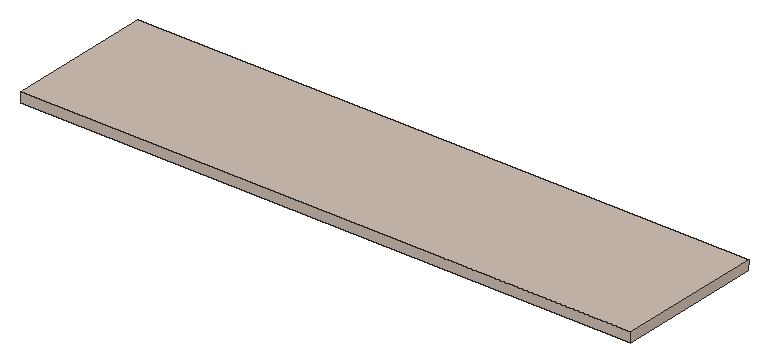
Revit family "Worktop", category 케이스워크, Revit 2026
Family settings
  작업 기준면 기반 = 아니오
  항상 수직 = 예
  로드될 때 보이드를 사용하여 절단 = 아니오
  공유 = 아니오
  룸 계산 점 = 아니오
Parameters (values of type "Worktop without Hole")
  기본 높이 = 0 mm
  Worktop Width = 600 mm
  Worktop Thickness = 40 mm
  Worktop Length [instance] = 2500 mm
  Vis - Worktop with Hole = no
  Vis - Worktop no Hole = yes
  Material Worktop = Laminate - Marble
  Hole Y Offset = 75 mm
  Hole X Offset [instance] = 800 mm
  Hole Width = 850 mm
  Hole Depth = 450 mm
  깊이 = Worktop Width  # 600 mm
  높이 = 900 mm
  Width [instance] = Worktop Length  # 2500 mm
Types (3, lengths in mm): name | Vis - Worktop with Hole | Vis - Worktop no Hole
  (no name) | no | yes
  Worktop without Hole | no | yes
  Worktop with Hole | yes | no
Reference planes
  plane 1 "Back": y = 0
  plane 2: z = 0
  plane 3 "Front": y = -600
  plane 4 "Left": x = -405.3
  plane 5 "Right": x = 2094.7
  plane 6 "Top": z = 900
  plane 7: x = 394.7
  plane 8: x = 1244.7
  plane 9: y = -75
  plane 10: y = -525
Forms (mm)
  Extrusion 1, solid, material "Laminate - Marble" <- "Material Worktop", visible <- "Vis - Worktop no Hole"
    sketch origin (0, 0, 900) x (0, -1, 0) y (-1, 0, 0)
      loop
        line (600, 405.3) -> (0, 405.3) -> (0, -2094.7) -> (600, -2094.7) -> (600, 405.3)
    from 0 to 40
  Extrusion 2, solid, material "Laminate - Marble" <- "Material Worktop", visible <- "Vis - Worktop with Hole"
    sketch origin (0, 0, 900) x (0, -1, 0) y (-1, 0, 0)
      loop
        line (600, 405.3) -> (0, 405.3) -> (0, -2094.7) -> (600, -2094.7) -> (600, 405.3)
      loop
        line (525, -394.7) -> (75, -394.7) -> (75, -1244.7) -> (525, -1244.7) -> (525, -394.7)
    from 0 to 40
Dimensions and locks
  "Worktop Length": plane 5 "Right" to plane 4 "Left"
  "Worktop Width": plane 3 "Front" to plane 1 "Back"
  "높이": level to plane 6 "Top"
  "Worktop Thickness": plane 6 "Top" to Extrusion 1
  "Hole X Offset": plane 4 "Left" to plane 7
  "Hole Width": plane 7 to plane 8
  "Hole Y Offset": plane 9 to plane 1 "Back"
  "Hole Depth": plane 10 to plane 9
  "Worktop Thickness": plane 6 "Top" to Extrusion 2
Automatic sketch dimensions
  Extrusion 1 sketch curve to plane 1 "Back" = 0 mm
  Extrusion 1 sketch curve to plane 3 "Front" = 0 mm
  Extrusion 1 sketch curve to plane 4 "Left" = 0 mm
  Extrusion 1 sketch curve to plane 5 "Right" = 0 mm
  Extrusion 2 sketch curve to plane 1 "Back" = 0 mm
  Extrusion 2 sketch curve to plane 7 = 0 mm
  Extrusion 2 sketch curve to plane 9 = 0 mm
  Extrusion 2 sketch curve to plane 8 = 0 mm
  Extrusion 2 sketch curve to plane 10 = 0 mm
  Extrusion 2 sketch curve to plane 3 "Front" = 0 mm
  Extrusion 2 sketch curve to plane 4 "Left" = 0 mm
  Extrusion 2 sketch curve to plane 5 "Right" = 0 mm
